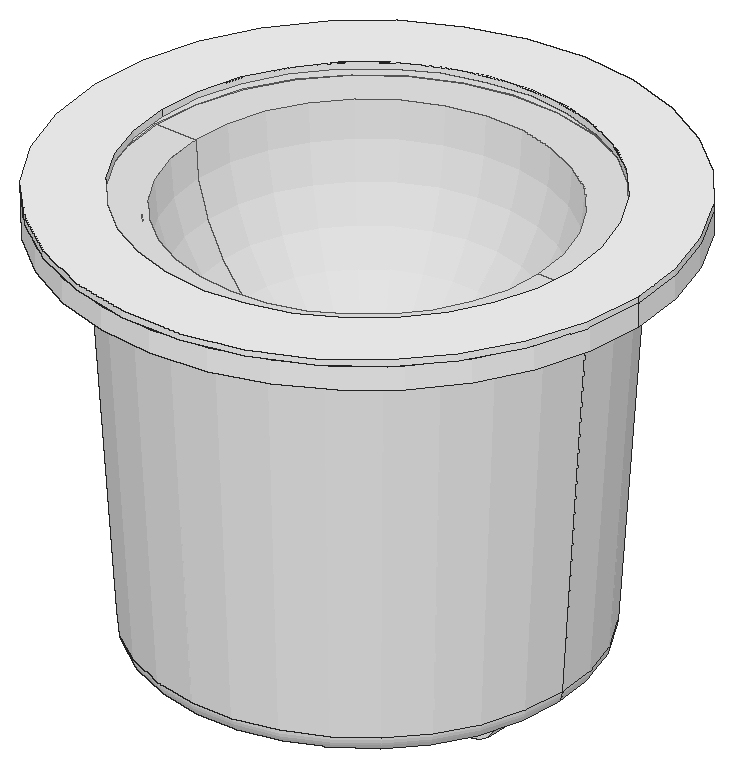
Revit family "2058876 Feilo Sylvania Lighting Fixture MYRD IP FL 4K PHDM WHT WBEZ", category Lighting Fixtures, host Face, Revit 2017
Family settings
  Host = Face
  Round Connector Dimension = Use Diameter
  Part Type = Normal
  OmniClass Number = 23.80.70.11.17
  OmniClass Title = Specialized Lighting by Location or Use
  Cut with Voids When Loaded = No
  Light Source = Yes
  Shared = No
  Room Calculation Point = No
Parameters
  Weight = "0.44 kg"
  Wattage = 10 W
  WarrantyStartDate [instance] = "n/a"
  WarrantyGuarantorParts = "n/a"
  WarrantyDurationUnit = "n/a"
  WarrantyDurationParts = "n/a"
  WarrantyDescription = "n/a"
  built-in parameter 1150110 = 1 (stored number, unit not read)
  Voltage = 230 V
  URL = "http://www.sylvania-lighting.com"
  TypeName = "MYRD IP FL 4K PHDM WHT WBEZ"
  Type Image = 0
  Type Comments = ""
  built-in parameter 1114217 = 1 (stored number, unit not read)
  Tilt Angle = -90°
  built-in parameter 1150109 = 1 (stored number, unit not read)
  built-in parameter 1150134 = 12
  built-in parameter 1150113 = 1 (stored number, unit not read)
  SerialNumber [instance] = "n/a"
  Reflector Radius = Cutout Diameter / 2 - 2.5 mm  # 35.0 mm
  Reflector Material = Aluminum_Sylvania_Myriad_Bright
  Recessed Depth = Height  # 72.0 mm
  PowerFactor = 0
  PowerConsumption = "10 W"
  Photometric Web File = ""
  NominalWidth = 0.0 mm
  NominalLength = 76.0 mm
  NominalHeight = 72.0 mm
  Name = "MYRD IP FL 4K PHDM WHT WBEZ"
  ModelReference = "MYRD IP FL 4K PHDM WHT WBEZ"
  ModelNumber = "2058876"
  Material = "Aluminium"
  ManufacturerName = "Feilo Sylvania"
  LuminousEfficacy = "98 lm/W"
  LuminaireType = "Ceiling recessed"
  LightOutputRatio = "1"
  LampsType = Lamp  # "LED"
  LampNominalLuminous = "977 lm"
  LampMacAdamStep = "n/a"
  LampColourTemperature = "4000 K"
  LampColourRenderingIndex = "n/a"
  Keynote = "16500"
  Keynote_2 = "16500"
  InstallationDate [instance] = "n/a"
  InputVoltage = "230-240V~"
  InputNominalFrequency = "50/60 Hz"
  IngressProtection = "IP65"
  ImpactProtectionIndex = "IK02"
  IfcExportType = "IfcLightFixtureType"
  IfcExportAs = "IfcLightFixtureType"
  Height = 72.0 mm  # constant formula
  ExpectedLife = 50000
  Emit from Circle Diameter = Accessory Inner Diameter 2  # 68.0 mm
  Emit Shape Visible in Rendering = no
  ElectricShockClassification = "Class II"
  DurationUnit = "hours"
  DocumentationLiterature = "http://www.sylvania-lighting.com/product/en-int/products/2058876"
  DimmingControlOptions = "Dimmable"
  Diffuser Material = Glass_Sylvania_Myriad_Clear_4000K
  Diffuser Diameter = Cutout Diameter  # 75.0 mm
  Cutout Diameter = 75.0 mm  # constant formula
  CreatedOn = "03-11-2017"
  CreatedBy = ""
  Cost = 0
  built-in parameter 1114216 [instance] = 1 (stored number, unit not read)
  built-in parameter 1150142 = (empty or 0)
  Model = "MYRD IP FL 4K PHDM WHT WBEZ"
  Manufacturer = "Feilo Sylvania"  # constant formula
  built-in parameter 1150105 = 77.986 (stored number, unit not read)
  Lumens = 980 lm
  built-in parameter 1150115 = 1 (stored number, unit not read)
  built-in parameter 1150137 = (empty or 0)
  built-in parameter 1150139 = (empty or 0)
  built-in parameter 1150112 = 1 (stored number, unit not read)
  built-in parameter 1150114 = 1 (stored number, unit not read)
  Lamp = "LED"
  built-in parameter 1150132 = (empty or 0)
  built-in parameter 1150102 = (empty or 0)
  built-in parameter 1150107 = 4000 (stored number, unit not read)
  built-in parameter 1150138 = (empty or 0)
  built-in parameter 1150106 = 0.77986 (stored number, unit not read)
  built-in parameter 1150104 = 9.1045 (stored number, unit not read)
  Dimming Lamp Color Temperature Shift = (empty or 0)
  Description = "Supplied complete with electronic control gear Compact Fluorescent low energy downlight Emergency version passes through the cut out Ideal for low level orientation lighting New range of Architectural accessories each providing a different lit dimension New completely flush plaster up accessory ring for clean ceiling lines and smooth finish Order lamp separately"  # constant formula
  Default Elevation = 0.0 mm
  Color Filter = 16777215
  built-in parameter 1140040 [instance] = 1
  Body Radius = Reflector Radius + 1.5 mm  # 36.5 mm
  Body Material = Aluminum_Sylvania_Myriad_Gray
  BarCode [instance] = "n/a"
  built-in parameter 1114218 = 1 (stored number, unit not read)
  built-in parameter 1150133 = 10 (stored number, unit not read)
  AssetType = "Fixed"
  AssetIdentifier [instance] = "n/a"
  Assembly Code = "D5020200"
  Apparent Load = 10 VA
  Accessory Material = Aluminum_Sylvania_Myriad_White
  Accessory Inner Diameter 2 = Accessory Diameter - 22.0 mm  # 68.0 mm
  Accessory Inner Diameter 1 = Accessory Diameter - 2.0 mm  # 88.0 mm
  Accessory Diameter = Cutout Diameter + 15.0 mm  # 90.0 mm
Reference planes
  plane 1 "Center (Front/Back)": y = 0
  plane 2: z = 0
  plane 3 "Center (Left/Right)": x = 0
  plane 4: z = 2
  plane 5 "Fixture Bottom": z = 4.5
  plane 6: z = -28.5
  plane 7: z = -61.5
  plane 8 "Fixture Top": z = -67.5
  plane 9: z = 3.5
Forms (mm)
  Revolve 1, solid, material "Aluminum_Sylvania_Myriad_Bright" <- "Reflector Material", detail levels fine
    sketch origin (0, 0, 0) x (1, 0, 0) y (0, 0, 1)
      loop
        line (0, -27.515) -> (-6, -27.515)
        arc (-6, -27.515) -> (-22.333, -16.632) -> (-28.5, 2) r 30.135
        line (-28.5, 2) -> (-35, 2) -> (-35, 0) -> (-29.184, 0)
        arc (-29.184, 0) -> (-22.423, -18.18) -> (-6, -28.5) r 30.204
        line (-6, -28.5) -> (0, -28.5) -> (0, -27.515)
      axis (0, -28.5) -> (0, 2)
    angle from 0 to 360
  Revolve 2, solid, material "Aluminum_Sylvania_Myriad_Gray" <- "Body Material", detail levels fine
    sketch origin (0, 0, 0) x (1, 0, 0) y (0, 0, 1)
      loop
        line (-44, 2) -> (-44, 0) -> (-36.5, 0) -> (-32.42, -58.708)
        arc (-32.42, -58.708) -> (-31.474, -60.694) -> (-29.428, -61.5) r 3
        line (-29.428, -61.5) -> (0, -61.5) -> (0, -28.5) -> (-6, -28.5)
        arc (-6, -28.5) -> (-22.423, -18.18) -> (-29.184, 0) r 30.204
        line (-29.184, 0) -> (-35, 0) -> (-35, 2) -> (-44, 2)
      axis (0, 2) -> (0, -61.5)
    angle from 0 to 360
  Extrusion 3, solid, material "Aluminum_Sylvania_Myriad_Gray" <- "Body Material", detail levels fine
    sketch origin (0, 0, 0) x (1, 0, 0) y (0, 0, 1)
      loop
        line (-13.5, -67.5) -> (21, -67.5)
        arc (21, -67.5) -> (23.828, -66.328) -> (25, -63.5) r 4
        line (25, -63.5) -> (25, -61.5) -> (-17.5, -61.5) -> (-17.5, -63.5)
        arc (-17.5, -63.5) -> (-16.328, -66.328) -> (-13.5, -67.5) r 4
    from -4.5 to 4.5
  Extrusion 4, solid, material "Aluminum_Sylvania_Myriad_White" <- "Accessory Material", detail levels fine
    sketch origin (0, 0, 0) x (1, 0, 0) y (0, 1, 0)
      loop
        circle (0, 0) r 45
      loop
        circle (0, 0) r 44
    from 0 to 3.5
  Extrusion 5, solid, material "Aluminum_Sylvania_Myriad_White" <- "Accessory Material", detail levels fine
    sketch origin (0, 0, 0) x (1, 0, 0) y (0, 1, 0)
      loop
        circle (0, 0) r 45
      loop
        circle (0, 0) r 34
    from 3.5 to 4.5
  Extrusion 6, solid, material "Aluminum_Sylvania_Myriad_White" <- "Accessory Material", detail levels coarse+medium
    sketch origin (0, 0, 0) x (1, 0, 0) y (0, 1, 0)
      loop
        circle (0, 0) r 45
    from 0 to 4.5
  Revolve 7, solid, detail levels coarse+medium
    sketch origin (0, 0, 0) x (1, 0, 0) y (0, 0, 1)
      loop
        line (36.5, 0) -> (0, 0) -> (0, -61.5) -> (32.226, -61.5) -> (36.5, 0)
      axis (0, 0) -> (0, -61.5)
    angle from 0 to 360
  Extrusion 8, void
    sketch origin (0, 0, 0) x (1, 0, 0) y (0, 1, 0)
      loop
        circle (0, 0) r 37.5
    from -67.5 to 0
  Extrusion 9, solid, material "Glass_Sylvania_Myriad_Clear_4000K" <- "Diffuser Material", detail levels fine
    sketch origin (0, 0, 0) x (1, 0, 0) y (0, 1, 0)
      loop
        circle (0, 0) r 37.5
    from 2 to 3.5
Cuts and joins
  joined: Extrusion 4, Extrusion 5
Lines and regions (mm)
  Masking region 1
    outline origin (0, 0, 0) x (1, 0, 0) y (0, 1, 0)
      loop
        circle (0, 0) r 45
  symbolic lines
    curve 1: arc (-34, 0, 0) -> (0, 34, 0) -> (34, 0, 0) r 34
    curve 2: arc (34, 0, 0) -> (0, -34, 0) -> (-34, 0, 0) r 34
Dimensions and locks
  locked: plane 7 to plane 8 "Fixture Top" at 6
  "Body Radius": Revolve 7 sketch curve to plane 3 "Center (Left/Right)"
  locked: Revolve 7 sketch curve to Revolve 7 sketch curve at 4.274
  plane 5 "Fixture Bottom" to plane 9 to plane 4 to plane 2 to plane 6 = 1.0 mm locked, 1.5 mm locked, 2.0 mm locked, 28.5 mm locked
  "Reflector Radius": Revolve 1 sketch curve to plane 3 "Center (Left/Right)"
  Revolve 1 sketch curve to Revolve 1 sketch curve to Revolve 1 sketch curve to Revolve 1 sketch curve = 6.5 mm locked, 22.5 mm locked, 0.0 mm locked
  "Reflector Radius": plane 3 "Center (Left/Right)" to Revolve 2 sketch curve
  Revolve 2 sketch curve to Revolve 2 sketch curve to Revolve 2 sketch curve = 7.5 mm locked, 1.5 mm locked
  Revolve 2 sketch curve to Revolve 2 sketch curve to Revolve 2 sketch curve = 5.816 mm locked, 23.184 mm locked
  Revolve 2 sketch curve to Revolve 2 sketch curve to Revolve 2 sketch curve = 2.58 mm locked, 2.993 mm locked
  "Accessory Diameter": diameter of Extrusion 4 sketch curve
  "Accessory Inner Diameter 1": diameter of Extrusion 4 sketch curve
  "Accessory Diameter": diameter of Extrusion 5 sketch curve
  "Accessory Diameter": diameter of Extrusion 6 sketch curve
  "Cutout Diameter": diameter of Extrusion 8 sketch curve
  "Accessory Inner Diameter 2": diameter of Extrusion 5 sketch curve
  "Diffuser Diameter": diameter of Extrusion 9 sketch curve
  aligned and locked: plane 2 to host face
  aligned and locked: level to host face
  aligned and locked: plane 1 "Center (Front/Back)" to imposter light
  aligned and locked: plane 3 "Center (Left/Right)" to imposter light
  aligned and locked: Revolve 1 sketch curve to imposter light
  aligned and locked: Extrusion 3 sketch curve to plane 8 "Fixture Top"
  aligned and locked: plane 7 to Extrusion 3 sketch curve
  aligned and locked: Extrusion 4 to plane 2
  aligned and locked: plane 9 to Extrusion 4
  aligned and locked: Extrusion 5 to plane 9
  aligned and locked: plane 5 "Fixture Bottom" to Extrusion 5
  aligned and locked: Extrusion 6 to plane 2
  aligned and locked: plane 5 "Fixture Bottom" to Extrusion 6
  aligned and locked: Extrusion 8 to plane 8 "Fixture Top"
  aligned and locked: plane 2 to Extrusion 8
  aligned and locked: Masking region 1 sketch curve to Extrusion 6  (x2)
  aligned and locked: Extrusion 9 to plane 4
  aligned and locked: plane 9 to Extrusion 9
  aligned and locked: plane 4 to Revolve 2 sketch curve
  aligned and locked: Revolve 2 sketch curve to plane 2
  aligned and locked: curve 1 to cut or joined group of Extrusion 4, Extrusion 5
  aligned and locked: curve 2 to cut or joined group of Extrusion 4, Extrusion 5
  aligned and locked: imposter light to plane 5 "Fixture Bottom"
Automatic sketch dimensions
  host sketch curve to host sketch curve = 1305.563 mm
  host sketch curve to host sketch curve = 1283.632 mm
  Extrusion 3 sketch curve to plane 7 = 2.0 mm
  Extrusion 3 sketch curve to plane 3 "Center (Left/Right)" = 13.5 mm
  plane 3 "Center (Left/Right)" to Extrusion 3 sketch curve = 21.0 mm
  Extrusion 3 sketch curve to Extrusion 3 sketch curve = 4.0 mm
  Revolve 1 sketch curve to level = 0.0 mm
  Revolve 1 sketch curve to plane 3 "Center (Left/Right)" = 0.0 mm
  Revolve 1 sketch curve to plane 6 = 0.0 mm
  Revolve 1 sketch curve to plane 4 = 0.0 mm
  Revolve 1 sketch curve to Revolve 1 sketch curve = 0.684 mm
  level to Revolve 1 sketch curve = 0.88 mm
  Revolve 1 sketch curve to plane 4 = 0.363 mm
  Revolve 1 sketch curve to Revolve 1 sketch curve = 0.625 mm
  Revolve 1 sketch curve to plane 8 "Fixture Top" = 232.8 mm
  plane 5 "Fixture Bottom" to Revolve 1 sketch curve = 291.243 mm
  Revolve 2 sketch curve to plane 3 "Center (Left/Right)" = 0.0 mm  (x2)
  Revolve 2 sketch curve to plane 7 = 0.0 mm
  Revolve 2 sketch curve to plane 6 = 0.0 mm
  Revolve 2 sketch curve to level = 0.0 mm
  level to Revolve 2 sketch curve = 0.88 mm
  plane 7 to Revolve 2 sketch curve = 2.792 mm
  Revolve 2 sketch curve to plane 8 "Fixture Top" = 304.774 mm
  plane 5 "Fixture Bottom" to Revolve 2 sketch curve = 1137.105 mm
  Extrusion 4 sketch curve to Extrusion 4 sketch curve = 0.0 mm  (x2)
  plane 1 "Center (Front/Back)" to Extrusion 4 sketch curve = 0.0 mm
  Extrusion 4 sketch curve to plane 3 "Center (Left/Right)" = 0.0 mm
  Extrusion 5 sketch curve to Extrusion 5 sketch curve = 0.0 mm  (x2)
  plane 1 "Center (Front/Back)" to Extrusion 5 sketch curve = 0.0 mm
  Extrusion 5 sketch curve to plane 3 "Center (Left/Right)" = 0.0 mm
  plane 1 "Center (Front/Back)" to Extrusion 6 sketch curve = 0.0 mm
  Extrusion 6 sketch curve to plane 3 "Center (Left/Right)" = 0.0 mm
  Revolve 7 sketch curve to level = 0.0 mm
  Revolve 7 sketch curve to plane 3 "Center (Left/Right)" = 0.0 mm  (x2)
  Revolve 7 sketch curve to plane 7 = 0.0 mm
  Revolve 7 sketch curve to plane 8 "Fixture Top" = 304.774 mm
  plane 5 "Fixture Bottom" to Revolve 7 sketch curve = 43.226 mm
  plane 1 "Center (Front/Back)" to Extrusion 8 sketch curve = 0.0 mm
  Extrusion 8 sketch curve to plane 3 "Center (Left/Right)" = 0.0 mm
  plane 1 "Center (Front/Back)" to Extrusion 9 sketch curve = 0.0 mm
  Extrusion 9 sketch curve to plane 3 "Center (Left/Right)" = 0.0 mm
Connectors
  electrical at (-0.006, -0.019, -67.5), driven by "Apparent Load", driven by "Apparent Load"
    settings: on plane 8 "Fixture Top", index 1, voltage 230 V, apparent load 10 VA, apparent load phase1 10 VA, apparent load phase2 0 VA, apparent load phase3 0 VA, power factor 1, load classification "Lighting", number of poles 1, system type 30, power factor state 1, is connector primary yes, connector utility no, sub classification motor no, connector description ""
